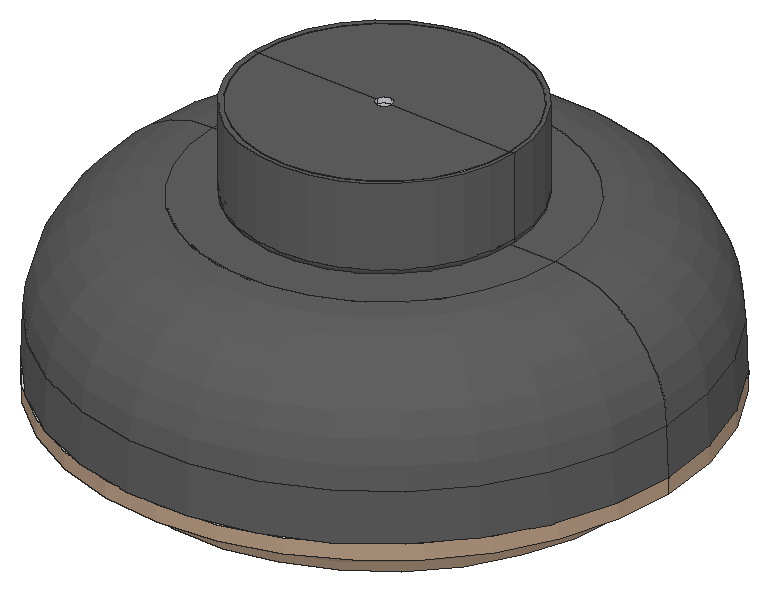
Revit family "PWR12 SHADE", category Lighting Fixtures, Revit 2024
Family settings
  Round Connector Dimension = Use Diameter
  Part Type = Normal
  OmniClass Number = 23.80.70.00
  OmniClass Title = Lighting
  Work Plane-Based = No
  Always vertical = Yes
  Cut with Voids When Loaded = No
  Light Source = No
  Maintain Annotation Orientation = No
  Shared = No
  Room Calculation Point = No
Parameters
  Default Elevation = 0' - 0"
Reference planes (in)
  plane 1 "Light Source Axis (F/B)": y = 0
  plane 2: z = 0
  plane 3 "Light Source Axis (L/R)": x = 0
  plane 4 "Light Source Elevation": z = 84
Forms (in)
  Revolve 1, solid
    sketch origin (0, 0, 0) x (1, 0, 0) y (0, 0, 1)
      loop
        line (-2.75, 90.0962) -> (-2.75, 88.4712)
        arc (-2.75, 88.4712) -> (-2.71339, 88.38281) -> (-2.625, 88.3462) r 0.125
        line (-2.625, 88.3462) -> (0, 88.3462) -> (0, 88.43995) -> (-2.625, 88.43995)
        arc (-2.625, 88.43995) -> (-2.6471, 88.4491) -> (-2.65625, 88.4712) r 0.03125
        line (-2.65625, 88.4712) -> (-2.65625, 90.0962) -> (-2.75, 90.0962)
      axis (0, 88.3462) -> (0, 90.0962)
    angle from 0 to 360
  Revolve 2, solid
    sketch origin (0, 0, 0) x (1, 0, 0) y (0, 0, 1)
      loop
        line (0, 88.3462) -> (-3.61621, 88.3462)
        arc (-3.61621, 88.3462) -> (-5.24736, 87.68789) -> (-5.96465, 86.0818) r 2.35
        line (-5.96465, 86.0818) -> (-5.99999, 85.1123) -> (-5.90617, 85.1123) -> (-5.87096, 86.07838)
        arc (-5.87096, 86.07838) -> (-5.18229, 87.62041) -> (-3.61621, 88.25245) r 2.25625
        line (-3.61621, 88.25245) -> (0, 88.25245) -> (0, 88.3462)
      axis (0, 85.1123) -> (0, 88.3462)
    angle from 0 to 360
  Revolve 3, solid
    sketch origin (0, 0, 0) x (1, 0, 0) y (0, 0, 1)
      loop
        line (-5.99999, 85.1123) -> (-5.99999, 84.7994)
        arc (-5.99999, 84.7994) -> (-5.35157, 84.55543) -> (-4.9375, 84) r 1.23138
        line (-4.9375, 84) -> (-4.38918, 84) -> (-4.38918, 85.9248) -> (-5.82668, 85.9248) -> (-5.82668, 85.1123) -> (-5.99999, 85.1123)
      axis (0, 84) -> (0, 85.9248)
    angle from 0 to 360
  Revolve 4, solid
    sketch origin (0, 0, 0) x (1, 0, 0) y (0, 0, 1)
      loop
        line (-2.65625, 90.0962) -> (-2.65625, 88.4779) -> (-2.5625, 88.4779) -> (-2.5625, 90.00245) -> (-0.15625, 90.00245) -> (-0.15625, 90.0962) -> (-2.65625, 90.0962)
      axis (0, 90.0962) -> (0, 88.4779)
    angle from 0 to 360
Dimensions and locks (in)
  aligned and locked: level to plane 2
